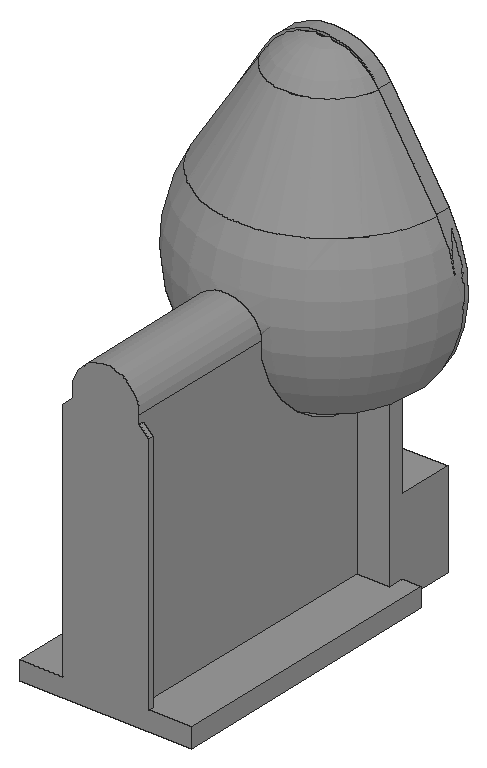
Revit family "Toilet-Willoughby-ETW-1490-FM-FA-BS", category Plumbing Fixtures, Revit 2015
Parameters (values of type "Standard")
  Waste DIA = 2 3/8"
  Waste Connection = yes
  W-RAD [instance] = Waste DIA / 2  # 0' - 1 3/16"
  Vent Connection = no
  URL = "https://www.willoughby-ind.com/wp-content/uploads/2018/01/ETW-1490-FM-FA.pdf"
  Type Comments = ""
  Revision = "A"
  Model = "ETW-1490-FM-FA-BS"
  Manufacturer = "Willoughby Industries"
  HW Connection = no
  Flush inlet DIA = 1 1/2"
  Flush Inlet Connection = yes
  Fixture Body = Stainless Steel AISI 304-Willoughby
  F-RAD [instance] = Flush inlet DIA / 2  # 0' - 0 3/4"
  Description = "Front Access Blow Out Flush Toilet, Back Spud"
  Default Elevation = 0' - 0"
  Contact Number = "(800) 428-4065"
  CW Connection = no
Reference planes (in)
  plane 1 "Base": y = -16.25
  plane 2: z = 0
  plane 3 "Center": x = 18.31072
  plane 4 "Waste height": y = -4.75
  plane 5: y = -1.25
  plane 6: z = -6.75
  plane 7: y = -2.125
  plane 8: y = -14.0625
  plane 9: y = 0.5
  plane 10: x = 16.56072
  plane 11: x = 20.06072
  plane 12: x = 11.56072
  plane 13: x = 25.06072
Forms (in)
  Extrusion 1, solid, material "Stainless Steel AISI 304-Willoughby" <- "Fixture Body"
    sketch origin (16.08109, 7.47968, -7.1422) x (-1, 0, 0) y (0, 0, -1)
      loop
        line (1.29775, -16.80087) -> (1.29775, -7.1422) -> (-5.72963, -7.1422) -> (-5.72963, -16.81676)
        arc (-5.72963, -16.81676) -> (-8.98136, -21.11843) -> (-8.21015, -26.45542) r 7
        line (-8.21015, -26.45542) -> (-5.16818, -31.31054)
        arc (-5.16818, -31.31054) -> (-2.20225, -32.95225) -> (0.76368, -31.31054) r 3.5
        line (0.76368, -31.31054) -> (3.80565, -26.45542)
        arc (3.80565, -26.45542) -> (4.5729, -21.10311) -> (1.29775, -16.80087) r 7
      loop
        arc (2.03989, -24.70557) -> (-2.20225, -18.23804) -> (-6.44438, -24.70557) r 4.625
        line (-6.44438, -24.70557) -> (-4.04125, -30.23842)
        arc (-4.04125, -30.23842) -> (-2.20225, -31.45225) -> (-0.36324, -30.23842) r 2
        line (-0.36324, -30.23842) -> (2.03989, -24.70557)
    from 8.72968 to 9.5
  Revolve 2, solid, material "Stainless Steel AISI 304-Willoughby" <- "Fixture Body"
    sketch origin (19.37246, -1.52032, -3.93826) x (-1, 0, 0) y (0, 0, -1)
      loop
        line (1.06174, -12.59906) -> (1.06174, -12.84906)
        arc (1.06174, -12.84906) -> (6.96784, -16.33096) -> (6.78077, -23.18447) r 6.75
        line (6.78077, -23.18447) -> (3.81535, -27.91457)
        arc (3.81535, -27.91457) -> (2.63527, -29.03194) -> (1.06174, -29.43826) r 3.25
        line (1.06174, -29.43826) -> (1.06174, -29.68826)
        arc (1.06174, -29.68826) -> (2.75672, -29.25045) -> (4.02767, -28.04656) r 3.5
        line (4.02767, -28.04656) -> (7.06964, -23.19143)
        arc (7.06964, -23.19143) -> (7.15052, -16.14555) -> (1.06174, -12.59906) r 7
      axis (1.06174, -12.59906) -> (1.06174, -29.68826)
    angle from 0 to -180
  Extrusion 3, solid, material "Stainless Steel AISI 304-Willoughby" <- "Fixture Body"
    sketch origin (19.53334, -3.02032, -4.9508) x (0, 1, 0) y (0, 0, 1)
      loop
        line (-5.27082, 4.9508) -> (1, 4.9508) -> (1, 13.76086)
        arc (1, 13.76086) -> (-2.93256, 15.26109) -> (-5.27082, 18.76086) r 6.92744
        line (-5.27082, 18.76086) -> (-5.27082, 4.9508)
    from 0.52738 to -2.97262
  Extrusion 4, solid, material "Stainless Steel AISI 304-Willoughby" <- "Fixture Body"
    sketch origin (0, 14.59309, -3) x (1, 0, 0) y (0, 1, 0)
      loop
        circle (18.31072, -19.34309) r 1.1875
    from 5.5 to 3
  Extrusion 5, solid, material "Stainless Steel AISI 304-Willoughby" <- "Fixture Body"
    sketch origin (18.31072, 0, -1) x (0, 1, 0) y (0, 0, 1)
      loop
        line (-1.25, 1) -> (1.75, 1) -> (1.75, 6) -> (-1.25, 6) -> (-1.25, 1)
    from -3.52738 to 3.5
  Extrusion 6, solid, material "Stainless Steel AISI 304-Willoughby" <- "Fixture Body"
    sketch origin (0, 0, 0) x (1, 0, 0) y (0, 1, 0)
      loop
        circle (18.31072, 0.5) r 0.75
    from 1.50521 to 0
  Extrusion 7, solid, material "Stainless Steel AISI 304-Willoughby" <- "Fixture Body"
    sketch origin (0, -16.25, 0) x (1, 0, 0) y (0, 0, 1)
      loop
        line (22.81072, 0) -> (22.81072, 1) -> (13.81072, 1) -> (13.81072, 0) -> (22.81072, 0)
    from -15 to 0
  Extrusion 8, solid, material "Stainless Steel AISI 304-Willoughby" <- "Fixture Body"
    sketch origin (0, -16.25, 0) x (1, 0, 0) y (0, 0, 1)
      loop
        line (20.06072, 0) -> (20.06072, 14.68252)
        arc (20.06072, 14.68252) -> (18.31072, 16.43252) -> (16.56072, 14.68252) r 1.75
        line (16.56072, 14.68252) -> (16.56072, 0) -> (20.06072, 0)
    from 0 to -7.95886
  Extrusion 9, solid, material "Stainless Steel AISI 304-Willoughby" <- "Fixture Body"
    sketch origin (0, -16.25, 0) x (1, 0, 0) y (0, 0, 1)
      loop
        line (20.06072, 0) -> (20.56072, 0) -> (20.56072, 13.75) -> (20.06072, 14.25) -> (16.56072, 14.25) -> (16.06072, 13.75) -> (16.06072, 0) -> (16.56072, 0) -> (20.06072, 0)
    from 0 to -0.25
Cuts and joins
  joined: Extrusion 1, Revolve 2, Extrusion 3, Extrusion 5, Extrusion 7, Extrusion 8, Extrusion 9
Lines and regions (in)
  symbolic lines
    curve 1: line (13.81072, -16.25, 0) -> (13.81072, -1.25, 0)
    curve 2: line (22.81072, -16.25, 0) -> (22.81072, -1.25, 0)
    curve 3: line (13.81072, -16.25, 0) -> (22.81072, -16.25, 0)
    curve 4: line (11.28334, -2.02032, 0) -> (11.28334, -1.25, 0)
    curve 5: line (11.28334, -1.25, 0) -> (25.28334, -1.25, 0)
    curve 6: line (25.28334, -1.25, 0) -> (25.28334, -2.02032, 0)
    curve 7: line (14.78334, -1.25, 0) -> (14.78334, 1.75, 0)
    curve 8: line (14.78334, 1.75, 0) -> (21.81072, 1.75, 0)
    curve 9: line (21.81072, 1.75, 0) -> (21.81072, -1.25, 0)
    curve 10: arc (25.28334, -2.02032, 0) -> (23.08185, -6.64916, 0) -> (18.31072, -8.52239, 0) r 6.97293
    curve 11: arc (18.31072, -8.52239, 0) -> (13.52793, -6.64299, 0) -> (11.28334, -2.02032, 0) r 7.06571
    curve 12: line (16.56072, -8.2982, 0) -> (16.56072, -16.25, 0)
    curve 13: line (20.06072, -16.25, 0) -> (20.06072, -8.30327, 0)
    curve 18: line (13.81072, -16.25, 0) -> (22.81072, -16.25, 0)
    curve 19: line (22.81072, -16.25, 0) -> (22.81072, -16.25, 1)
    curve 20: line (22.81072, -16.25, 1) -> (21.81072, -16.25, 1)
    curve 21: line (21.81072, -16.25, 0) -> (21.81072, -16.25, 9.67456)
    curve 22: line (14.78334, -16.25, 0) -> (14.78334, -16.25, 9.65867)
    curve 23: line (14.78334, -16.25, 1) -> (13.81072, -16.25, 1)
    curve 24: line (13.81072, -16.25, 1) -> (13.81072, -16.25, 0)
    curve 25: line (21.81072, -16.25, 5) -> (14.78334, -16.25, 5)
    curve 26: arc (21.81072, -16.25, 9.67456) -> (25.06245, -16.25, 13.97624) -> (24.29124, -16.25, 19.31322) r 7
    curve 27: line (24.29124, -16.25, 19.31322) -> (21.24927, -16.25, 24.16835)
    curve 28: arc (21.24927, -16.25, 24.16835) -> (19.98923, -16.25, 25.34792) -> (18.31072, -16.25, 25.75) r 3.37397
    curve 29: arc (18.31072, -16.25, 25.75) -> (16.62783, -16.25, 25.31163) -> (15.31741, -16.25, 24.16835) r 3.79331
    curve 30: line (15.31741, -16.25, 24.16835) -> (12.35249, -16.25, 19.43905)
    curve 31: arc (12.35249, -16.25, 19.43905) -> (11.49002, -16.25, 14.03241) -> (14.78334, -16.25, 9.65867) r 7
    curve 37: line (18.31072, -8.45513, 16.43593) -> (18.31072, -16.25, 16.43593)
    curve 38: line (18.31072, -16.25, 16.43593) -> (18.31072, -16.25, 0)
    curve 39: line (18.31072, -16.25, 0) -> (18.31072, 1.75, 0)
    curve 40: line (18.31072, 1.75, 0) -> (18.31072, 1.75, 5)
    curve 41: line (18.31072, 1.75, 5) -> (18.31072, -1.25, 5)
    curve 42: line (18.31072, -1.25, 5) -> (18.31072, -1.25, 25.81005)
    curve 43: line (18.31072, -1.25, 25.81005) -> (18.31072, -2.02032, 25.81005)
    curve 44: arc (18.31072, -2.02032, 25.81005) -> (18.31072, -3.17426, 25.3587) -> (18.31072, -4.14211, 24.58504) r 4.1253
    curve 45: line (18.31072, -4.14211, 24.58504) -> (18.31072, -7.52822, 19.25317)
    curve 46: arc (18.31072, -7.52822, 19.25317) -> (18.31072, -8.16721, 17.9023) -> (18.31072, -8.45513, 16.43593) r 6.04234
    curve 47: arc (18.31072, -8.45513, 16.43593) -> (18.31072, -8.2983, 15.12766) -> (18.31072, -8.29114, 13.81005) r 11.57712
    curve 48: arc (18.31072, -8.29114, 13.81005) -> (18.31072, -5.95289, 10.31029) -> (18.31072, -2.02032, 8.81005) r 6.92744
    curve 49: line (18.31072, -1.25, 9.65867) -> (18.31072, -2.02032, 9.65867)
    curve 50: line (18.31072, -2.02032, 9.65867) -> (18.31072, -2.02032, 1)
    curve 51: line (18.31072, -2.02032, 1) -> (18.31072, -16.25, 1)
  symbolic lines, detail levels medium+fine
    curve 14: line (20.06072, -16, 0) -> (20.56072, -16, 0)
    curve 15: line (20.56072, -16, 0) -> (20.56072, -16.25, 0)
    curve 16: line (16.56072, -16, 0) -> (16.06072, -16, 0)
    curve 17: line (16.06072, -16, 0) -> (16.06072, -16.25, 0)
  symbolic lines, detail levels fine
    curve 32: arc (14.0412, -16.25, 17.56337) -> (18.28334, -16.25, 11.09585) -> (22.52547, -16.25, 17.56337) r 4.625
    curve 33: line (22.52547, -16.25, 17.56337) -> (20.12234, -16.25, 23.09622)
    curve 34: arc (20.12234, -16.25, 23.09622) -> (19.38317, -16.25, 23.97635) -> (18.28334, -16.25, 24.31005) r 2.01767
    curve 35: arc (18.28334, -16.25, 24.31005) -> (17.17969, -16.25, 23.98213) -> (16.44433, -16.25, 23.09622) r 1.9827
    curve 36: line (16.44433, -16.25, 23.09622) -> (14.0412, -16.25, 17.56337)
Dimensions and locks (in)
  locked: plane 1 "Base" to plane 4 "Waste height" at 11.5
  locked: plane 1 "Base" to plane 5 at 15
  locked: plane 1 "Base" to plane 9 at 16.75
  locked: cut or joined group of Extrusion 1, Revolve 2, Extrusion 3, Extrusion 5, Extrusion 7, Extrusion 8, Extrusion 9 to cut or joined group of Extrusion 1, Revolve 2, Extrusion 3, Extrusion 5, Extrusion 7, Extrusion 8, Extrusion 9 at 9
  "W-RAD": radius of Extrusion 4 sketch curve
  "F-RAD": radius of Extrusion 6 sketch curve
  aligned and locked: plane 3 "Center" to Extrusion 4 sketch curve
  aligned and locked: plane 4 "Waste height" to Extrusion 4 sketch curve
  aligned and locked: plane 9 to Extrusion 6 sketch curve
  aligned and locked: plane 3 "Center" to Extrusion 6 sketch curve
  aligned and locked: cut or joined group of Extrusion 1, Revolve 2, Extrusion 3, Extrusion 5, Extrusion 7, Extrusion 8, Extrusion 9 to Extrusion 1
  aligned and locked: Extrusion 1 to Extrusion 4
Automatic sketch dimensions
  Extrusion 1 sketch curve to Extrusion 1 sketch curve = 0' - 0"  (x8)
  Extrusion 1 sketch curve to level = 0' - 0"
  plane 3 "Center" to Extrusion 1 sketch curve = 0' - 5.98052"
  Extrusion 1 sketch curve to Extrusion 1 sketch curve = 0' - 1.76576"  (x2)
  plane 3 "Center" to Extrusion 1 sketch curve = 0' - 3 1/2"
  plane 3 "Center" to Extrusion 1 sketch curve = 0' - 2.93855"
  Extrusion 1 sketch curve to Extrusion 1 sketch curve = 0' - 1.12693"  (x2)
  Extrusion 1 sketch curve to plane 3 "Center" = 0' - 0.02738"  (x2)
  Extrusion 1 sketch curve to plane 3 "Center" = 0' - 1.86639"
  Extrusion 1 sketch curve to plane 3 "Center" = 0' - 3.52738"
  Extrusion 1 sketch curve to plane 3 "Center" = 0' - 4 69/256"
  Extrusion 1 sketch curve to Extrusion 1 sketch curve = 0' - 9.65867"
  Extrusion 1 sketch curve to Extrusion 1 sketch curve = 0' - 0.01589"
  Extrusion 1 sketch curve to Extrusion 1 sketch curve = 0' - 6.06218"
  Extrusion 1 sketch curve to Extrusion 1 sketch curve = 0' - 1.74985"
  Extrusion 1 sketch curve to Extrusion 1 sketch curve = 0' - 4.74668"
  Extrusion 1 sketch curve to Extrusion 1 sketch curve = 0' - 0.78617"
  Extrusion 1 sketch curve to Extrusion 1 sketch curve = 0' - 1.07212"
  Revolve 2 sketch curve to Revolve 2 sketch curve = 0' - 0"  (x2)
  Revolve 2 sketch curve to plane 3 "Center" = 0' - 0"  (x3)
  plane 3 "Center" to Revolve 2 sketch curve = 0' - 0"
  Revolve 2 sketch curve to plane 3 "Center" = 0' - 2.75361"
  Revolve 2 sketch curve to Revolve 2 sketch curve = 0' - 0.21232"
  Revolve 2 sketch curve to Revolve 2 sketch curve = 0' - 2.96542"
  Revolve 2 sketch curve to Revolve 2 sketch curve = 0' - 0.28887"
  level to Revolve 2 sketch curve = 2' - 1 3/4"
  Revolve 2 sketch curve to Revolve 2 sketch curve = 0' - 0 1/4"
  Revolve 2 sketch curve to Revolve 2 sketch curve = 0' - 1.3917"
  Revolve 2 sketch curve to Revolve 2 sketch curve = 0' - 0.13199"
  Revolve 2 sketch curve to Revolve 2 sketch curve = 0' - 4.85513"
  Revolve 2 sketch curve to Revolve 2 sketch curve = 0' - 0.00696"
  Revolve 2 sketch curve to Revolve 2 sketch curve = 0' - 3 1/4"
  Revolve 2 sketch curve to Revolve 2 sketch curve = 0' - 3.3392"
  Revolve 2 sketch curve to Revolve 2 sketch curve = 0' - 2.4108"
  Extrusion 3 sketch curve to level = 0' - 0"
  plane 4 "Waste height" to Extrusion 3 sketch curve = 0' - 3.54114"
  plane 7 to Extrusion 3 sketch curve = 0' - 0.10468"
  plane 5 to Extrusion 3 sketch curve = 0' - 0.38413"
  Extrusion 3 sketch curve to Extrusion 3 sketch curve = 0' - 8.81005"
  Extrusion 3 sketch curve to Extrusion 3 sketch curve = 0' - 5"
  Extrusion 5 sketch curve to level = 0' - 0"
  Extrusion 5 sketch curve to plane 5 = 0' - 0"
  Extrusion 5 sketch curve to plane 9 = 0' - 1 1/4"
  level to Extrusion 5 sketch curve = 0' - 5"
  Extrusion 7 sketch curve to level = 0' - 0"
  level to Extrusion 7 sketch curve = 0' - 1"
  plane 12 to Extrusion 7 sketch curve = 0' - 2 1/4"
  Extrusion 7 sketch curve to plane 13 = 0' - 2 1/4"
  Extrusion 8 sketch curve to level = 0' - 0"
  Extrusion 8 sketch curve to plane 11 = 0' - 0"
  level to Extrusion 8 sketch curve = 1' - 2.68252"
  plane 10 to Extrusion 8 sketch curve = 0' - 0"
  Extrusion 9 sketch curve to level = 0' - 0"
  Extrusion 9 sketch curve to plane 10 = 0' - 0"  (x2)
  Extrusion 9 sketch curve to plane 11 = 0' - 0"  (x2)
  Extrusion 9 sketch curve to Extrusion 9 sketch curve = 0' - 0 1/2"  (x2)
  plane 11 to Extrusion 9 sketch curve = 0' - 0 1/2"
  level to Extrusion 9 sketch curve = 1' - 1 3/4"
  Extrusion 9 sketch curve to Extrusion 9 sketch curve = 0' - 0"
  plane 5 to curve 5 = 0' - 0"
  plane 1 "Base" to curve 17 = 0' - 0"
  curve 16 to plane 10 = 0' - 0"
  curve 11 to plane 3 "Center" = 0' - 0"
  curve 10 to plane 3 "Center" = 0' - 0"
  curve 13 to plane 11 = 0' - 0"
  curve 8 to plane 10 = 0' - 1.77738"
  plane 12 to curve 1 = 0' - 2 1/4"
  plane 7 to curve 4 = 0' - 0.10468"
  curve 4 to plane 12 = 0' - 0.27738"
  plane 3 "Center" to curve 10 = 0' - 0 1/64"
  plane 3 "Center" to curve 11 = 0' - 0.01581"
  curve 14 to curve 14 = 0' - 0 1/2"
  plane 11 to curve 8 = 0' - 1 3/4"
  curve 3 to plane 13 = 0' - 2 1/4"
  curve 2 to curve 5 = 0' - 2.47262"
  curve 15 to curve 14 = 0' - 0 1/4"
  plane 7 to curve 6 = 0' - 0.10468"
  curve 8 to plane 9 = 0' - 1 1/4"
  curve 16 to plane 1 "Base" = 0' - 0 1/4"
  curve 16 to plane 10 = 0' - 0 1/2"
  curve 26 to curve 31 = 0' - 0"
  curve 26 to curve 32 = 0' - 0"  (x2)
  curve 31 to curve 32 = 0' - 0"
  curve 24 to level = 0' - 0"
  curve 28 to plane 3 "Center" = 0' - 0"
  curve 29 to plane 3 "Center" = 0' - 0"
  curve 32 to plane 3 "Center" = 0' - 0.02738"
  curve 35 to plane 3 "Center" = 0' - 0.03882"
  curve 34 to curve 35 = 0' - 0.0002"
  curve 30 to plane 10 = 0' - 1.24331"
  curve 22 to plane 10 = 0' - 1.77738"
  curve 18 to curve 22 = 0' - 0.97262"
  plane 12 to curve 30 = 0' - 0.79177"
  plane 3 "Center" to curve 28 = 0' - 0.07942"
  plane 3 "Center" to curve 29 = 0' - 0.08929"
  plane 11 to curve 33 = 0' - 0.06162"
  plane 11 to curve 27 = 0' - 1.18855"
  plane 11 to curve 21 = 0' - 1 3/4"
  plane 11 to curve 33 = 0' - 2.46475"
  curve 20 to curve 19 = 0' - 1"
  curve 27 to plane 13 = 0' - 0.76948"
  curve 18 to curve 19 = 0' - 1"
  curve 18 to curve 24 = 0' - 1"
  curve 23 to curve 22 = 0' - 8.65867"
  curve 22 to curve 21 = 0' - 0.01589"
  curve 22 to curve 31 = 0' - 6.06218"
  curve 33 to curve 26 = 0' - 1.74985"
  curve 33 to curve 29 = 0' - 4.39436"
  curve 29 to curve 34 = 0' - 0.33468"
  curve 34 to curve 35 = 0' - 0.03496"
  curve 35 to curve 28 = 0' - 0.04959"
  curve 33 to curve 27 = 0' - 1.07212"
  curve 35 to curve 34 = 0' - 0"
  curve 36 to plane 10 = 0' - 0.11639"
  plane 12 to curve 32 = 0' - 2 123/256"
  curve 20 to curve 25 = 0' - 4"
  curve 51 to plane 1 "Base" = 0' - 0"
  curve 42 to plane 5 = 0' - 0"
  curve 40 to level = 0' - 0"
  plane 1 "Base" to curve 47 = 0' - 3.6029"
  plane 4 "Waste height" to curve 37 = 0' - 3.70513"
  plane 4 "Waste height" to curve 45 = 0' - 2.77822"
  curve 45 to plane 4 "Waste height" = 0' - 0.60789"
  curve 46 to plane 7 = 0' - 0.30255"
  plane 7 to curve 43 = 0' - 0.10468"
  plane 7 to curve 49 = 0' - 0.10468"
  plane 5 to curve 48 = 0' - 0.38413"
  curve 44 to plane 5 = 0' - 0.13839"
  curve 41 to plane 9 = 0' - 1 1/4"
  level to curve 41 = 0' - 5"
  curve 41 to curve 50 = 0' - 4.65867"
  level to curve 47 = 1' - 2.40606"
  curve 49 to curve 48 = 0' - 6.06805"
  curve 48 to curve 46 = 0' - 0.28717"
  curve 47 to curve 38 = 0' - 2.02987"
  curve 46 to curve 44 = 0' - 5.7722"
  curve 44 to curve 45 = 0' - 2.79895"
  curve 47 to curve 48 = 0' - 0.16399"
  level to curve 51 = 0' - 1"
  Extrusion 4 sketch curve to plane 3 "Center" = 0' - 0"
Connectors (in)
  piping at (18.31072, -4.75, 0), diameter 2.375, driven by "W-RAD", driven by "Waste Connection"
    settings: on Extrusion 4, index 1, connector inside diameter 2 1/2", connector length 0' - 0", flow factor 0, pipe flow 0 GPM, pressure drop 0.00 psi, fitting loss kfactor 0, connector angle 0.00°, fixture units 0, engagement length 0' - 0", angle of deflection 0.00°, flow configuration 0, flow direction 2, fitting loss method 0, system type 16, joint type 0, gender type 0, connector reference index -1, connector utility 1, adjustable connector yes, is connector primary yes, connector description "Toilet Waste"
  piping at (18.31072, 0.5, 0), diameter 1.5, driven by "F-RAD", driven by "Flush Inlet Connection"
    settings: on Extrusion 6, index 2, connector inside diameter 1 1/2", connector length 0' - 0", flow factor 0, pipe flow 0 GPM, pressure drop 0.00 psi, fitting loss kfactor 0, connector angle 0.00°, fixture units 0, engagement length 0' - 0", angle of deflection 0.00°, flow configuration 0, flow direction 1, fitting loss method 0, system type 20, joint type 0, gender type 0, connector reference index -1, connector utility 1, adjustable connector no, is connector primary no, connector description "Flush Inlet"
